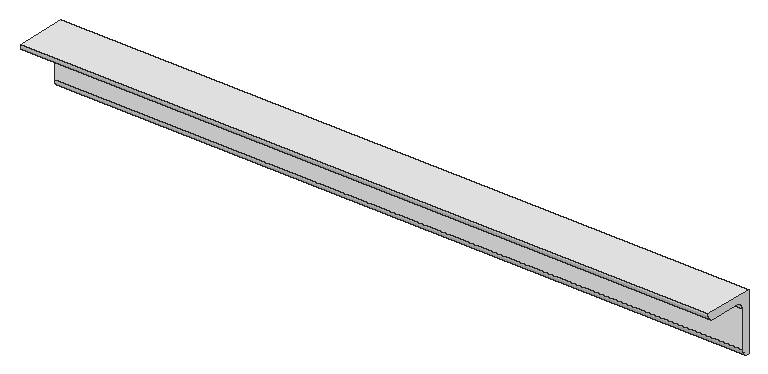
Revit family
Parameters (values of type "L102X89X13")
  k = 22.2 mm
  Start Extension Calculation [instance] = 3012.5 mm + Start Extension  # 3000 mm
  Start Extension [instance] = -12.5 mm
  End Extension Calculation [instance] = 3012.5 mm + End Extension  # 3000 mm
  End Extension [instance] = -12.5 mm
  Beam Material [instance] = Metal - Steel - 345 MPa
  A = 0.002 m²
  Length [instance] = 1500 mm
  W = 0.17456
  b = 88.9 mm
  d = 102 mm
  t = 12.7 mm
  x = 25.4 mm
  y = 31.9 mm
Reference planes
  plane 1 "Center (Front/Back)": y = 0
  plane 2: z = 0
  plane 3 "Center (Left/Right)": x = 4.61
  plane 4 "Member Left": x = -604.99
  plane 5 "Member Right": x = 614.21
  plane 6: y = 25.4
  plane 7: y = -63.5
  plane 8 "Top": z = 31.9
  plane 9: z = -70.1
  plane 10 "Left": x = -757.39
  plane 11 "Right": x = 742.61
  plane 12: x = -604.99
  plane 13: x = 614.21
  plane 14: x = 2395.01
  plane 15: x = -2385.79
Forms (mm)
  Sweep 1, solid, material "Metal - Steel - 345 MPa" <- "Beam Material", detail levels medium
    path origin (0, 0, 0) x (1, 0, 0) y (0, 1, 0)
      loop
        line (614.21, 0) -> (-604.99, 0)
    profile "M_L-Angle-Profile-Medium : M_L-Angle-Profile-Medium" origin (4.61, 0, 0) x (0, -1, 0) y (0, 0, 1)
      loop
        line (-25.4, -70.1) -> (-12.7, -70.1) -> (-12.7, 19.2) -> (63.5, 19.2) -> (63.5, 31.9) -> (-25.4, 31.9) -> (-25.4, -70.1)
  Sweep 2, solid, material "Metal - Steel - 345 MPa" <- "Beam Material", detail levels fine
    path origin (0, 0, 0) x (1, 0, 0) y (0, 1, 0)
      loop
        line (614.21, 0) -> (-604.99, 0)
    profile "M_L-Angle-Profile-Fine : M_L-Angle-Profile-Fine" origin (4.61, 0, 0) x (0, -1, 0) y (0, 0, 1)
      loop
        arc (-25.4, -70.1) -> (-16.42, -66.38) -> (-12.7, -57.4) r 12.7
        line (-12.7, -57.4) -> (-12.7, 6.5)
        arc (-12.7, 6.5) -> (-8.98, 15.48) -> (0, 19.2) r 12.7
        line (0, 19.2) -> (50.8, 19.2)
        arc (50.8, 19.2) -> (59.78, 22.92) -> (63.5, 31.9) r 12.7
        line (63.5, 31.9) -> (-25.4, 31.9) -> (-25.4, -70.1)
Lines and regions (mm)
  symbolic lines, style "Hidden Faces", detail levels medium+fine
    curve 1: line (-604.99, 0, 18.9) -> (614.21, 0, 18.9)
    curve 2: line (-604.99, 12.7, 0) -> (614.21, 12.7, 0)
  symbolic lines, style "Stick Symbols", detail levels coarse
    curve 3: line (4.61, 25.4, 31.9) -> (4.61, -63.5, 31.9)
    curve 4: line (4.61, 25.4, -70.1) -> (4.61, 25.4, 31.9)
Dimensions and locks
  "b": plane 6 to plane 7
  "d": plane 9 to plane 8 "Top"
  "x": plane 6 to plane 1 "Center (Front/Back)"
  "y": plane 8 "Top" to plane 2
  "Length": plane 10 "Left" to plane 11 "Right"
  "t": plane 6 to curve 2
  locked: plane 4 "Member Left" to plane 14 at 3000
  locked: plane 15 to plane 5 "Member Right" at 3000
  "Start Extension Calculation": plane 12 to plane 14
  "End Extension Calculation": plane 15 to plane 13
  aligned and locked: Sweep 1 sketch curve to plane 1 "Center (Front/Back)"
  aligned and locked: Sweep 2 sketch curve to plane 1 "Center (Front/Back)"
  aligned and locked: plane 12 to Sweep 1 sketch curve
  aligned and locked: plane 13 to Sweep 1 sketch curve
  aligned and locked: plane 12 to Sweep 2 sketch curve
  aligned and locked: plane 13 to Sweep 2 sketch curve
  aligned and locked: plane 12 to curve 2
  aligned and locked: plane 13 to curve 2
  aligned and locked: plane 12 to curve 1
  aligned and locked: plane 13 to curve 1
  aligned and locked: Sweep 1 to curve 3
  aligned and locked: Sweep 1 to curve 4
  aligned and locked: curve 3 to Sweep 2
  aligned and locked: curve 4 to plane 6
Automatic sketch dimensions
  plane 8 "Top" to curve 1 = 13 mm
